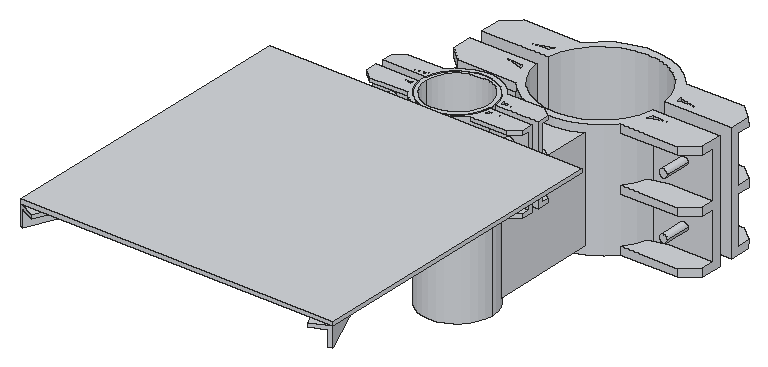
Revit family "Zadanie rekrutacyjne", category Generic Models, Revit 2027
Family settings
  Can host rebar = No
  Round Connector Dimension = Use Diameter
  Part Type = Normal
  Work Plane-Based = Yes
  Always vertical = No
  Cut with Voids When Loaded = No
  Maintain Annotation Orientation = No
  Shared = No
  Room Calculation Point = No
Parameters
  Srednica = 30 cm
  Odleglosc osi pierscieni [instance] = Srednica / 2 + Dlugosc + 11 cm  # 46 cm
  Kat obrotu [instance] = 90.00°
  Dlugosc [instance] = 20 cm
  Default Elevation = 121.92 cm
Reference planes (cm)
  plane 1 "Center (Front/Back)": y = 0
  plane 2: z = 0
  plane 3 "Center (Left/Right)": x = 0
  plane 4: y = -46
Lines and regions (cm)
  reference lines
    curve 1: line (0, -46, 48) -> (0, -118, 48)
    curve 2: line (0, -46, 48) -> (-64, -46, 48)
Dimensions and locks (cm)
  "Odleglosc osi pierscieni": plane 4 to plane 1 "Center (Front/Back)"
  locked: curve 2 to curve 1 (angle 90.00°)
  "Kat obrotu": angle curve 1 to plane 4
  aligned and locked: level to plane 2
  aligned and locked: plane 1 "Center (Front/Back)" to nested 1
  aligned and locked: plane 3 "Center (Left/Right)" to nested 1  (x3)
  aligned and locked: nested 1 to nested 1  (x4)
  aligned and locked: plane 3 "Center (Left/Right)" to curve 1
  aligned and locked: plane 4 to nested 1  (x2)
  aligned and locked: plane 4 to curve 2
  aligned and locked: nested 2 to curve 2
  aligned and locked: nested 2 to curve 1
  aligned and locked: nested 2 to nested 1
Nested families (cm)
  nested 1: "O2" at (0, 0, 0), Dlugosc <- "Dlugosc", Srednica <- "Srednica", type "O2"
    with Wysokosc zaciskow 30 cm, Wysokosc sworznia 20 cm, Srednica zewnetrzna mala 18 cm, Srednica wewnetrzna mala 16 cm, Srednica Zewnetrzna 34 cm, Srednica 30 cm, Promien zewnetrzny maly 9 cm, Promien zewnetrzny 17 cm, Promien wewnetrzny maly 8 cm, Promien wewnetrzny 15 cm, Promien otworu 1 cm, Grubosc 2 cm, Dlugosc zaciskow 15 cm, Dlugosc 20 cm
  nested 2: "O1" at (0, -46, 28), type "O2"
    with Wysokosc zaciskow 20 cm, Szerokosc podestu 80 cm, Srednica Zewnetrzna 20 cm, Srednica 18 cm, Promien zewnetrzny 10 cm, Promien wewnetrzny 9 cm, Promien otworu 1 cm, Grubosc 1 cm, Dlugosc zaciskow 10 cm
Definition of nested family "O2"
  Parameters (values of type "O2")
    Wysokosc sworznia [instance] = 20 cm
    Wysokosc zaciskow [instance] = 30 cm
    Srednica zewnetrzna mala [instance] = Promien zewnetrzny maly * 2  # 18 cm
    Srednica wewnetrzna mala [instance] = Promien wewnetrzny maly * 2  # 16 cm
    Srednica Zewnetrzna [instance] = Promien zewnetrzny * 2  # 32 cm
    Srednica [instance] = 30 cm
    Promien zewnetrzny maly [instance] = 9 cm
    Promien zewnetrzny [instance] = Promien wewnetrzny + Grubosc  # 16 cm
    Promien wewnetrzny maly [instance] = 8 cm
    Promien wewnetrzny [instance] = Srednica / 2  # 15 cm
    Promien otworu [instance] = 1 cm
    Grubosc [instance] = 1 cm
    Dlugosc zaciskow [instance] = 15 cm
    Dlugosc [instance] = 20 cm
    Default Elevation = 121.92 cm
  Reference planes (cm)
    plane 1 "Center (Front/Back)": y = 0
    plane 2: z = 0
    plane 3 "Center (Left/Right)": x = 0
    plane 4: x = 16
    plane 5: x = -16
    plane 6: y = -16
    plane 7: y = 16
    plane 8: z = 30
    plane 9: z = 15
    plane 10: x = -31
    plane 11: x = 31
    plane 12: y = -1
    plane 13: y = 1
    plane 14: y = -2
    plane 15: y = 2
    plane 16: z = 22.5
    plane 17: z = 7.5
    plane 18: x = 23.5
    plane 19: x = -23.5
    plane 20: y = -9
    plane 21: y = 3
    plane 22: y = 9
    plane 23: y = 5.5
    plane 24: y = -5.5
    plane 25: x = -27.25
    plane 26: x = 27.25
    plane 27: y = 12.5
    plane 28: y = -12.5
    plane 29: x = -19.75
    plane 30: x = 19.75
    plane 31: z = 14.5
    plane 32: z = 15.5
    plane 33: z = 29
    plane 34: z = 1
    plane 35: x = 8
    plane 36: x = -8
    plane 37: z = 28
    plane 38: z = 2
    plane 39: x = 7
    plane 40: x = -7
    plane 41: y = -37
    plane 42: y = -53
    plane 43: y = -45
    plane 44: z = 49
    plane 45: y = -26
    plane 46: y = -61
    plane 47: y = -36
    plane 48: y = -54
  Forms (cm)
    Extrusion 1, solid
      sketch origin (0, 0, 0) x (1, 0, 0) y (0, 1, 0)
        loop
          circle (0, 0) r 16
      from 0 to 30
    Extrusion 2, solid
      sketch origin (0, 0, 0) x (1, 0, 0) y (0, 1, 0)
        loop
          line (-31, -1) -> (-31, -2) -> (31, -2) -> (31, -1) -> (-31, -1)
        loop
          line (-31, 2) -> (-31, 1) -> (31, 1) -> (31, 2) -> (-31, 2)
      from 0 to 30
    Extrusion 3, void
      sketch origin (0, 0, 0) x (1, 0, 0) y (0, 1, 0)
        loop
          circle (0, 0) r 15
      from 0 to 30
    Extrusion 4, solid
      sketch origin (0, 0, 0) x (1, 0, 0) y (0, 0, 1)
        loop
          circle (-23.5, 22.5) r 1
        loop
          circle (-23.5, 7.5) r 1
        loop
          circle (23.5, 7.5) r 1
        loop
          circle (23.5, 22.5) r 1
      from -3 to 9
    Extrusion 5, solid
      sketch origin (0, 0, 0) x (1, 0, 0) y (0, 1, 0)
        loop
          line (-31, 2) -> (-19.75, 2) -> (0, 9) -> (-27.25, 9) -> (-31, 5.5) -> (-31, 2)
      from 29 to 30
    Extrusion 6, solid
      sketch origin (0, 0, 0) x (-1, 0, 0) y (0, -1, 0)
        loop
          line (-31, -2) -> (-31, -5.5) -> (-27.25, -9) -> (0, -9) -> (-19.75, -2) -> (-31, -2)
      from 29 to 30
    Extrusion 7, solid
      sketch origin (0, 0, 0) x (1, 0, 0) y (0, 1, 0)
        loop
          line (-31, -2) -> (-31, -5.5) -> (-27.25, -9) -> (0, -9) -> (-19.75, -2) -> (-31, -2)
      from 29 to 30
    Extrusion 8, solid
      sketch origin (0, 0, 0) x (-1, 0, 0) y (0, -1, 0)
        loop
          line (-31, 2) -> (-19.75, 2) -> (0, 9) -> (-27.25, 9) -> (-31, 5.5) -> (-31, 2)
      from 29 to 30
    Extrusion 9, solid
      sketch origin (0, 0, 0) x (1, 0, 0) y (0, 1, 0)
        loop
          line (-31, 2) -> (-19.75, 2) -> (0, 9) -> (-27.25, 9) -> (-31, 5.5) -> (-31, 2)
      from 14.5 to 15.5
    Extrusion 10, solid
      sketch origin (0, 0, 0) x (-1, 0, 0) y (0, -1, 0)
        loop
          line (-31, -2) -> (-31, -5.5) -> (-27.25, -9) -> (0, -9) -> (-19.75, -2) -> (-31, -2)
      from 14.5 to 15.5
    Extrusion 11, solid
      sketch origin (0, 0, 0) x (1, 0, 0) y (0, 1, 0)
        loop
          line (-31, -2) -> (-31, -5.5) -> (-27.25, -9) -> (0, -9) -> (-19.75, -2) -> (-31, -2)
      from 14.5 to 15.5
    Extrusion 12, solid
      sketch origin (0, 0, 0) x (-1, 0, 0) y (0, -1, 0)
        loop
          line (-31, 2) -> (-19.75, 2) -> (0, 9) -> (-27.25, 9) -> (-31, 5.5) -> (-31, 2)
      from 14.5 to 15.5
    Extrusion 13, solid
      sketch origin (0, 0, 0) x (1, 0, 0) y (0, 1, 0)
        loop
          line (-31, 2) -> (-19.75, 2) -> (0, 9) -> (-27.25, 9) -> (-31, 5.5) -> (-31, 2)
      from 0 to 1
    Extrusion 14, solid
      sketch origin (0, 0, 0) x (-1, 0, 0) y (0, -1, 0)
        loop
          line (-31, -2) -> (-31, -5.5) -> (-27.25, -9) -> (0, -9) -> (-19.75, -2) -> (-31, -2)
      from 0 to 1
    Extrusion 15, solid
      sketch origin (0, 0, 0) x (1, 0, 0) y (0, 1, 0)
        loop
          line (-31, -2) -> (-31, -5.5) -> (-27.25, -9) -> (0, -9) -> (-19.75, -2) -> (-31, -2)
      from 0 to 1
    Extrusion 16, solid
      sketch origin (0, 0, 0) x (-1, 0, 0) y (0, -1, 0)
        loop
          line (-31, 2) -> (-19.75, 2) -> (0, 9) -> (-27.25, 9) -> (-31, 5.5) -> (-31, 2)
      from 0 to 1
    Extrusion 17, solid
      sketch origin (0, 0, 0) x (1, 0, 0) y (0, 0, 1)
        loop
          line (-8, 29) -> (-8, 1) -> (8, 1) -> (8, 29) -> (-8, 29)
        loop
          line (-7, 28) -> (-7, 2) -> (7, 2) -> (7, 28) -> (-7, 28)
      from 0 to 45
    Extrusion 18, solid
      sketch origin (0, 0, 0) x (1, 0, 0) y (0, 1, 0)
        loop
          circle (0, -45) r 9
      from 0 to 49
    Extrusion 19, void
      sketch origin (0, 0, 0) x (1, 0, 0) y (0, 1, 0)
        loop
          circle (0, -45) r 8
      from 0 to 49
    Extrusion 20, void
      sketch origin (0, 0, 0) x (1, 0, 0) y (0, 1, 0)
        loop
          circle (0, -26) r 1
      from 1 to 29
    Extrusion 21, void
      sketch origin (0, 0, 0) x (1, 0, 0) y (0, 0, 1)
        loop
          circle (0, 15) r 1
      from 0 to 61
    Extrusion 22, void
      sketch origin (0, 0, 0) x (1, 0, 0) y (0, 1, 0)
        loop
          line (-31, 1) -> (-31, -1) -> (31, -1) -> (31, 1) -> (-31, 1)
      from 0 to 30
  Cuts and joins
    Extrusion 3, Extrusion 19, Extrusion 20, Extrusion 21, Extrusion 22 cuts Extrusion 1
    Extrusion 3, Extrusion 19, Extrusion 20, Extrusion 21, Extrusion 22 cuts Extrusion 2
    Extrusion 19, Extrusion 20, Extrusion 21 cuts Extrusion 4
    Extrusion 3, Extrusion 19, Extrusion 20, Extrusion 21, Extrusion 22 cuts Extrusion 5
    Extrusion 3, Extrusion 19, Extrusion 20, Extrusion 21, Extrusion 22 cuts Extrusion 6
    Extrusion 3, Extrusion 19, Extrusion 20, Extrusion 21, Extrusion 22 cuts Extrusion 7
    Extrusion 3, Extrusion 19, Extrusion 20, Extrusion 21, Extrusion 22 cuts Extrusion 8
    Extrusion 3, Extrusion 19, Extrusion 20, Extrusion 21, Extrusion 22 cuts Extrusion 9
    Extrusion 3, Extrusion 19, Extrusion 20, Extrusion 21, Extrusion 22 cuts Extrusion 10
    Extrusion 3, Extrusion 19, Extrusion 20, Extrusion 21, Extrusion 22 cuts Extrusion 11
    Extrusion 3, Extrusion 19, Extrusion 20, Extrusion 21, Extrusion 22 cuts Extrusion 12
    Extrusion 3, Extrusion 19, Extrusion 20, Extrusion 21, Extrusion 22 cuts Extrusion 13
    Extrusion 3, Extrusion 19, Extrusion 20, Extrusion 21, Extrusion 22 cuts Extrusion 14
    Extrusion 3, Extrusion 19, Extrusion 20, Extrusion 21, Extrusion 22 cuts Extrusion 15
    Extrusion 3, Extrusion 19, Extrusion 20, Extrusion 21, Extrusion 22 cuts Extrusion 16
    Extrusion 3, Extrusion 19, Extrusion 20, Extrusion 21, Extrusion 22 cuts Extrusion 17
    Extrusion 19, Extrusion 20, Extrusion 21, Extrusion 22 cuts Extrusion 18
    joined: Extrusion 1, Extrusion 2, Extrusion 4, Extrusion 5, Extrusion 6, Extrusion 7, Extrusion 8, Extrusion 9, Extrusion 10, Extrusion 11, Extrusion 12, Extrusion 13, Extrusion 14, Extrusion 15, Extrusion 16, Extrusion 17, Extrusion 18
  Lines and regions (cm)
    reference lines
      curve 1: line (0, -45, 49) -> (0, -45, 0)
  Dimensions and locks (cm)
    "Srednica Zewnetrzna": plane 6 to plane 7
    "Wysokosc zaciskow": plane 8 to plane 2
    equal spacing: plane 7, plane 1 "Center (Front/Back)", plane 6
    "Dlugosc zaciskow": plane 4 to plane 11
    "Dlugosc zaciskow": plane 10 to plane 5
    equal spacing: plane 15, plane 13, plane 1 "Center (Front/Back)", plane 12, plane 14
    "Grubosc": plane 1 "Center (Front/Back)" to plane 13
    "Grubosc": plane 21 to plane 15
    equal spacing: plane 14, plane 24, plane 20, plane 28, plane 6
    equal spacing: plane 10, plane 25, plane 19, plane 29, plane 5
    equal spacing: plane 4, plane 30, plane 18, plane 26, plane 11
    equal spacing: plane 7, plane 27, plane 22, plane 23, plane 15
    "Grubosc": plane 34 to plane 2
    equal spacing: plane 32, plane 9, plane 31
    "Grubosc": plane 32 to plane 31
    "Grubosc": plane 8 to plane 33
    equal spacing: plane 8, plane 16, plane 9, plane 17, plane 2
    "Grubosc": plane 33 to plane 37
    "Grubosc": plane 38 to plane 34
    "Grubosc": plane 36 to plane 40
    "Grubosc": plane 39 to plane 35
    "Srednica wewnetrzna mala": plane 41 to plane 42
    "Wysokosc sworznia": plane 44 to plane 33
    equal spacing: plane 41, plane 43, plane 42, plane 46
    plane 43 to plane 1 "Center (Front/Back)" = 45 cm
    locked: plane 36 to plane 35 at 16
    "Srednica Zewnetrzna": plane 5 to plane 4
    equal spacing: plane 5, plane 3 "Center (Left/Right)", plane 4
    equal spacing: plane 47, plane 43, plane 48
    "Srednica zewnetrzna mala": plane 47 to plane 48
    equal spacing: plane 6, plane 45, plane 47
    "Dlugosc": plane 6 to plane 47
    "Promien zewnetrzny": radius of Extrusion 1 sketch curve
    "Promien wewnetrzny": radius of Extrusion 3 sketch curve
    "Promien otworu": radius of Extrusion 4 sketch curve  (x4)
    "Promien zewnetrzny maly": radius of Extrusion 18 sketch curve
    "Promien wewnetrzny maly": radius of Extrusion 19 sketch curve
    "Promien otworu": radius of Extrusion 20 sketch curve
    "Promien otworu": radius of Extrusion 21 sketch curve
    aligned and locked: level to plane 2
    aligned and locked: Extrusion 1 to plane 8
    aligned and locked: Extrusion 2 sketch curve to plane 12
    aligned and locked: plane 10 to Extrusion 2 sketch curve  (x2)
    aligned and locked: Extrusion 2 sketch curve to plane 14
    aligned and locked: Extrusion 2 sketch curve to plane 11  (x2)
    aligned and locked: Extrusion 2 sketch curve to plane 15
    aligned and locked: Extrusion 2 sketch curve to plane 13
    aligned and locked: cut or joined group 1 (Extrusion 1, Extrusion 2, Extrusion 3, Extrusion 4, Extrusion 5, Extrusion 6, Extrusion 7, Extrusion 8, Extrusion 9, Extrusion 10, Extrusion 11, Extrusion 12, Extrusion 13, Extrusion 14, Extrusion 15, Extrusion 16, Extrusion 17, Extrusion 18, Extrusion 19, Extrusion 20, Extrusion 21, Extrusion 22) to plane 8
    aligned and locked: cut or joined group 1 to plane 2  (x4)
    aligned and locked: plane 8 to cut or joined group 1
    aligned and locked: Extrusion 4 to plane 21
    aligned and locked: Extrusion 4 to plane 20
    aligned and locked: plane 8 to Extrusion 7
    aligned and locked: Extrusion 7 to plane 33
    aligned and locked: Extrusion 8 to plane 33
    aligned and locked: plane 8 to Extrusion 8
    aligned and locked: Extrusion 5 to plane 33
    aligned and locked: plane 8 to Extrusion 5
    aligned and locked: plane 8 to Extrusion 6
    aligned and locked: Extrusion 6 to plane 33
    aligned and locked: Extrusion 12 to plane 31
    aligned and locked: Extrusion 10 to plane 31
    aligned and locked: Extrusion 11 to plane 31
    aligned and locked: plane 31 to Extrusion 11
    aligned and locked: plane 32 to Extrusion 11
    aligned and locked: plane 32 to Extrusion 9
    aligned and locked: plane 32 to Extrusion 12
    aligned and locked: Extrusion 12 to plane 32
    aligned and locked: Extrusion 16 to plane 2
    aligned and locked: Extrusion 14 to plane 2
    aligned and locked: Extrusion 15 to plane 2
    aligned and locked: Extrusion 13 to plane 2
    aligned and locked: plane 34 to Extrusion 15
    aligned and locked: Extrusion 15 to plane 34
    aligned and locked: plane 34 to Extrusion 16
    aligned and locked: Extrusion 16 to plane 34
    aligned and locked: plane 32 to Extrusion 10
    aligned and locked: Extrusion 9 to plane 31
    aligned and locked: plane 34 to Extrusion 13
    aligned and locked: plane 34 to Extrusion 14
    aligned and locked: Extrusion 17 sketch curve to plane 35
    aligned and locked: Extrusion 17 sketch curve to plane 33
    aligned and locked: plane 34 to Extrusion 17 sketch curve
    aligned and locked: Extrusion 17 sketch curve to plane 38
    aligned and locked: Extrusion 17 sketch curve to plane 37
    aligned and locked: Extrusion 17 sketch curve to plane 39
    aligned and locked: Extrusion 17 sketch curve to plane 36
    aligned and locked: plane 40 to Extrusion 17 sketch curve
    aligned and locked: Extrusion 17 to plane 1 "Center (Front/Back)"
    aligned and locked: plane 43 to cut or joined group 1
    aligned and locked: Extrusion 19 to plane 44
    aligned and locked: Extrusion 19 to level
    aligned and locked: cut or joined group 1 to plane 44
    aligned and locked: plane 34 to Extrusion 20
    aligned and locked: Extrusion 20 to plane 33
    aligned and locked: Extrusion 21 to plane 1 "Center (Front/Back)"
    aligned and locked: Extrusion 22 sketch curve to plane 11
    aligned and locked: Extrusion 22 sketch curve to plane 13
    aligned and locked: plane 10 to Extrusion 22 sketch curve
    aligned and locked: plane 8 to Extrusion 22
    aligned and locked: Extrusion 21 to plane 46
    aligned and locked: curve 1 to cut or joined group 1
  Automatic sketch dimensions
    Extrusion 5 sketch curve to plane 10 = 0 cm
    Extrusion 5 sketch curve to plane 22 = 0 cm
    Extrusion 5 sketch curve to plane 25 = 0 cm
    Extrusion 5 sketch curve to plane 15 = 0 cm
    Extrusion 5 sketch curve to plane 29 = 0 cm
    Extrusion 5 sketch curve to plane 3 "Center (Left/Right)" = 0 cm
    Extrusion 5 sketch curve to plane 23 = 0 cm
    Extrusion 6 sketch curve to plane 11 = 0 cm
    Extrusion 6 sketch curve to plane 22 = 0 cm
    Extrusion 6 sketch curve to plane 26 = 0 cm
    Extrusion 6 sketch curve to plane 15 = 0 cm
    Extrusion 6 sketch curve to plane 30 = 0 cm
    Extrusion 6 sketch curve to plane 3 "Center (Left/Right)" = 0 cm
    Extrusion 6 sketch curve to plane 23 = 0 cm
    Extrusion 7 sketch curve to plane 10 = 0 cm
    Extrusion 7 sketch curve to plane 20 = 0 cm
    Extrusion 7 sketch curve to plane 25 = 0 cm
    Extrusion 7 sketch curve to plane 14 = 0 cm
    Extrusion 7 sketch curve to plane 29 = 0 cm
    Extrusion 7 sketch curve to plane 3 "Center (Left/Right)" = 0 cm
    plane 24 to Extrusion 7 sketch curve = 0 cm
    Extrusion 8 sketch curve to plane 11 = 0 cm
    Extrusion 8 sketch curve to plane 20 = 0 cm
    Extrusion 8 sketch curve to plane 26 = 0 cm
    Extrusion 8 sketch curve to plane 14 = 0 cm
    Extrusion 8 sketch curve to plane 30 = 0 cm
    Extrusion 8 sketch curve to plane 3 "Center (Left/Right)" = 0 cm
    plane 24 to Extrusion 8 sketch curve = 0 cm
    Extrusion 9 sketch curve to plane 10 = 0 cm
    Extrusion 9 sketch curve to plane 22 = 0 cm
    Extrusion 9 sketch curve to plane 25 = 0 cm
    Extrusion 9 sketch curve to plane 15 = 0 cm
    Extrusion 9 sketch curve to plane 29 = 0 cm
    Extrusion 9 sketch curve to plane 3 "Center (Left/Right)" = 0 cm
    Extrusion 9 sketch curve to plane 23 = 0 cm
    Extrusion 10 sketch curve to plane 11 = 0 cm
    Extrusion 10 sketch curve to plane 22 = 0 cm
    Extrusion 10 sketch curve to plane 26 = 0 cm
    Extrusion 10 sketch curve to plane 15 = 0 cm
    Extrusion 10 sketch curve to plane 30 = 0 cm
    Extrusion 10 sketch curve to plane 3 "Center (Left/Right)" = 0 cm
    Extrusion 10 sketch curve to plane 23 = 0 cm
    Extrusion 11 sketch curve to plane 10 = 0 cm
    Extrusion 11 sketch curve to plane 20 = 0 cm
    Extrusion 11 sketch curve to plane 25 = 0 cm
    Extrusion 11 sketch curve to plane 14 = 0 cm
    Extrusion 11 sketch curve to plane 29 = 0 cm
    Extrusion 11 sketch curve to plane 3 "Center (Left/Right)" = 0 cm
    plane 24 to Extrusion 11 sketch curve = 0 cm
    Extrusion 12 sketch curve to plane 11 = 0 cm
    Extrusion 12 sketch curve to plane 20 = 0 cm
    Extrusion 12 sketch curve to plane 26 = 0 cm
    Extrusion 12 sketch curve to plane 14 = 0 cm
    Extrusion 12 sketch curve to plane 30 = 0 cm
    Extrusion 12 sketch curve to plane 3 "Center (Left/Right)" = 0 cm
    plane 24 to Extrusion 12 sketch curve = 0 cm
    Extrusion 13 sketch curve to plane 10 = 0 cm
    Extrusion 13 sketch curve to plane 22 = 0 cm
    Extrusion 13 sketch curve to plane 25 = 0 cm
    Extrusion 13 sketch curve to plane 15 = 0 cm
    Extrusion 13 sketch curve to plane 29 = 0 cm
    Extrusion 13 sketch curve to plane 3 "Center (Left/Right)" = 0 cm
    Extrusion 13 sketch curve to plane 23 = 0 cm
    Extrusion 14 sketch curve to plane 11 = 0 cm
    Extrusion 14 sketch curve to plane 22 = 0 cm
    Extrusion 14 sketch curve to plane 26 = 0 cm
    Extrusion 14 sketch curve to plane 15 = 0 cm
    Extrusion 14 sketch curve to plane 30 = 0 cm
    Extrusion 14 sketch curve to plane 3 "Center (Left/Right)" = 0 cm
    Extrusion 14 sketch curve to plane 23 = 0 cm
    Extrusion 15 sketch curve to plane 10 = 0 cm
    Extrusion 15 sketch curve to plane 20 = 0 cm
    Extrusion 15 sketch curve to plane 25 = 0 cm
    Extrusion 15 sketch curve to plane 14 = 0 cm
    Extrusion 15 sketch curve to plane 29 = 0 cm
    Extrusion 15 sketch curve to plane 3 "Center (Left/Right)" = 0 cm
    plane 24 to Extrusion 15 sketch curve = 0 cm
    Extrusion 16 sketch curve to plane 11 = 0 cm
    Extrusion 16 sketch curve to plane 20 = 0 cm
    Extrusion 16 sketch curve to plane 26 = 0 cm
    Extrusion 16 sketch curve to plane 14 = 0 cm
    Extrusion 16 sketch curve to plane 30 = 0 cm
    Extrusion 16 sketch curve to plane 3 "Center (Left/Right)" = 0 cm
    plane 24 to Extrusion 16 sketch curve = 0 cm
    Extrusion 22 sketch curve to plane 12 = 0 cm
    curve 1 to level = 0 cm
    curve 1 to plane 43 = 0 cm
    curve 1 to plane 44 = 0 cm
    plane 1 "Center (Front/Back)" to Extrusion 1 sketch curve = 0 cm
    Extrusion 1 sketch curve to plane 3 "Center (Left/Right)" = 0 cm
    plane 1 "Center (Front/Back)" to Extrusion 3 sketch curve = 0 cm
    Extrusion 3 sketch curve to plane 3 "Center (Left/Right)" = 0 cm
    Extrusion 4 sketch curve to plane 17 = 0 cm  (x2)
    Extrusion 4 sketch curve to plane 19 = 0 cm  (x2)
    Extrusion 4 sketch curve to plane 16 = 0 cm  (x2)
    Extrusion 4 sketch curve to plane 18 = 0 cm  (x2)
    Extrusion 18 sketch curve to plane 3 "Center (Left/Right)" = 0 cm
    plane 43 to Extrusion 18 sketch curve = 0 cm
    Extrusion 19 sketch curve to plane 3 "Center (Left/Right)" = 0 cm
    plane 43 to Extrusion 19 sketch curve = 0 cm
    Extrusion 20 sketch curve to plane 3 "Center (Left/Right)" = 0 cm
    Extrusion 20 sketch curve to plane 45 = 0 cm
    Extrusion 21 sketch curve to plane 3 "Center (Left/Right)" = 0 cm
    Extrusion 21 sketch curve to plane 9 = 0 cm
Definition of nested family "O1"
  Parameters (values of type "O2")
    Wysokosc zaciskow [instance] = 20 cm
    Szerokosc podestu [instance] = 80 cm
    Srednica Zewnetrzna [instance] = Promien zewnetrzny * 2  # 20 cm
    Srednica [instance] = 18 cm
    Promien zewnetrzny [instance] = Promien wewnetrzny + Grubosc  # 10 cm
    Promien wewnetrzny [instance] = Srednica / 2  # 9 cm
    Promien otworu [instance] = 1 cm
    Grubosc [instance] = 1 cm
    Dlugosc zaciskow [instance] = 10 cm
    Default Elevation = 121.92 cm
  Types (2): name
    O2
    O1
  Reference planes (cm)
    plane 1 "Center (Front/Back)": y = 0
    plane 2: z = 0
    plane 3 "Center (Left/Right)": x = 0
    plane 4: x = 10
    plane 5: x = -10
    plane 6: y = -10
    plane 7: y = 10
    plane 8: z = 20
    plane 9: z = 10
    plane 10: x = -20
    plane 11: x = 20
    plane 12: y = -1
    plane 13: y = 1
    plane 14: y = -2
    plane 15: y = 2
    plane 16: z = 15
    plane 17: z = 5
    plane 18: x = 15
    plane 19: x = -15
    plane 20: y = -6
    plane 21: y = 3
    plane 22: y = 6
    plane 23: y = 4
    plane 24: y = -4
    plane 25: x = -17.5
    plane 26: x = 17.5
    plane 27: y = 8
    plane 28: y = -8
    plane 29: x = -12.5
    plane 30: x = 12.5
    plane 31: z = 9.5
    plane 32: z = 10.5
    plane 33: z = 19
    plane 34: z = 1
    plane 35: x = 5
    plane 36: x = -5
    plane 37: z = 21
    plane 38: y = -90
    plane 39: x = 40
    plane 40: x = -40
    plane 41: z = 25
  Forms (cm)
    Extrusion 1, solid
      sketch origin (0, 0, 0) x (1, 0, 0) y (0, 1, 0)
        loop
          circle (0, 0) r 10
      from 0 to 20
    Extrusion 2, solid
      sketch origin (0, 0, 0) x (1, 0, 0) y (0, 1, 0)
        loop
          line (-20, -1) -> (-20, -2) -> (20, -2) -> (20, -1) -> (-20, -1)
        loop
          line (-20, 2) -> (-20, 1) -> (20, 1) -> (20, 2) -> (-20, 2)
      from 0 to 20
    Extrusion 3, void
      sketch origin (0, 0, 0) x (1, 0, 0) y (0, 1, 0)
        loop
          circle (0, 0) r 9
      from 0 to 20
    Extrusion 4, solid
      sketch origin (0, 0, 0) x (1, 0, 0) y (0, 0, 1)
        loop
          circle (-15, 15) r 1
        loop
          circle (-15, 5) r 1
        loop
          circle (15, 5) r 1
        loop
          circle (15, 15) r 1
      from -3 to 6
    Extrusion 5, solid
      sketch origin (0, 0, 0) x (1, 0, 0) y (0, 1, 0)
        loop
          line (-20, 2) -> (-12.5, 2) -> (0, 6) -> (-17.5, 6) -> (-20, 4) -> (-20, 2)
      from 19 to 20
    Extrusion 6, solid
      sketch origin (0, 0, 0) x (-1, 0, 0) y (0, -1, 0)
        loop
          line (-20, -2) -> (-20, -4) -> (-17.5, -6) -> (0, -6) -> (-12.5, -2) -> (-20, -2)
      from 19 to 20
    Extrusion 7, solid
      sketch origin (0, 0, 0) x (1, 0, 0) y (0, 1, 0)
        loop
          line (-20, -2) -> (-20, -4) -> (-17.5, -6) -> (0, -6) -> (-12.5, -2) -> (-20, -2)
      from 19 to 20
    Extrusion 8, solid
      sketch origin (0, 0, 0) x (-1, 0, 0) y (0, -1, 0)
        loop
          line (-20, 2) -> (-12.5, 2) -> (0, 6) -> (-17.5, 6) -> (-20, 4) -> (-20, 2)
      from 19 to 20
    Extrusion 9, solid
      sketch origin (0, 0, 0) x (1, 0, 0) y (0, 1, 0)
        loop
          line (-20, 2) -> (-12.5, 2) -> (0, 6) -> (-17.5, 6) -> (-20, 4) -> (-20, 2)
      from 9.5 to 10.5
    Extrusion 10, solid
      sketch origin (0, 0, 0) x (-1, 0, 0) y (0, -1, 0)
        loop
          line (-20, -2) -> (-20, -4) -> (-17.5, -6) -> (0, -6) -> (-12.5, -2) -> (-20, -2)
      from 9.5 to 10.5
    Extrusion 11, solid
      sketch origin (0, 0, 0) x (1, 0, 0) y (0, 1, 0)
        loop
          line (-20, -2) -> (-20, -4) -> (-17.5, -6) -> (0, -6) -> (-12.5, -2) -> (-20, -2)
      from 9.5 to 10.5
    Extrusion 12, solid
      sketch origin (0, 0, 0) x (-1, 0, 0) y (0, -1, 0)
        loop
          line (-20, 2) -> (-12.5, 2) -> (0, 6) -> (-17.5, 6) -> (-20, 4) -> (-20, 2)
      from 9.5 to 10.5
    Extrusion 13, solid
      sketch origin (0, 0, 0) x (1, 0, 0) y (0, 1, 0)
        loop
          line (-20, 2) -> (-12.5, 2) -> (0, 6) -> (-17.5, 6) -> (-20, 4) -> (-20, 2)
      from 0 to 1
    Extrusion 14, solid
      sketch origin (0, 0, 0) x (-1, 0, 0) y (0, -1, 0)
        loop
          line (-20, -2) -> (-20, -4) -> (-17.5, -6) -> (0, -6) -> (-12.5, -2) -> (-20, -2)
      from 0 to 1
    Extrusion 15, solid
      sketch origin (0, 0, 0) x (1, 0, 0) y (0, 1, 0)
        loop
          line (-20, -2) -> (-20, -4) -> (-17.5, -6) -> (0, -6) -> (-12.5, -2) -> (-20, -2)
      from 0 to 1
    Extrusion 16, solid
      sketch origin (0, 0, 0) x (-1, 0, 0) y (0, -1, 0)
        loop
          line (-20, 2) -> (-12.5, 2) -> (0, 6) -> (-17.5, 6) -> (-20, 4) -> (-20, 2)
      from 0 to 1
    Extrusion 17, void
      sketch origin (0, 0, 0) x (1, 0, 0) y (0, 1, 0)
        loop
          line (-20, 1) -> (-20, -1) -> (20, -1) -> (20, 1) -> (-20, 1)
      from 0 to 20
    Extrusion 18, solid
      sketch origin (0, 0, 0) x (1, 0, 0) y (0, 1, 0)
        loop
          line (40, -90) -> (40, -10) -> (-40, -10) -> (-40, -90) -> (40, -90)
      from 20 to 21
    Extrusion 19, solid
      sketch origin (20, -45, 20) x (-0.913812, -0.406138, 0) y (0.152825, -0.343857, -0.926503)
        loop
          line (0, 0) -> (0, -5) -> (1, -5) -> (1, -1) -> (5, -1) -> (5, 0) -> (0, 0)
      from -53.1507 to 0
    Extrusion 20, solid
      sketch origin (-20, -45, 20) x (-0.913812, 0.406138, 0) y (-0.152825, -0.343857, -0.926503)
        loop
          line (0, 0) -> (-5, 0) -> (-5, -1) -> (-1, -1) -> (-1, -5) -> (0, -5) -> (0, 0)
      from -53.1507 to 0
    Extrusion 21, void
      sketch origin (0, 8.4314, 20) x (-1, 0, 0) y (0, 1, 0)
        loop
          line (0, -16.4314) -> (-15, -16.4314) -> (-15, -98.4314) -> (0, -98.4314) -> (0, -16.4314)
      from 0 to 20
    Extrusion 22, void
      sketch origin (0, 8.4314, 20) x (-1, 0, 0) y (0, 1, 0)
        loop
          line (0, -16.4314) -> (0, -98.4314) -> (15, -98.4314) -> (15, -16.4314) -> (0, -16.4314)
      from 0 to 20
    Extrusion 23, solid
      sketch origin (-40, -90, 20) x (0, 0, 1) y (-0.913812, 0.406138, 0)
        loop
          line (0, 0) -> (-5, 0) -> (-5, -1) -> (-1, -1) -> (-1, -5) -> (0, -5) -> (0, 0)
      from -98.4886 to 0
    Extrusion 24, solid
      sketch origin (40, -90, 20) x (0, 0, 1) y (-0.913812, -0.406138, 0)
        loop
          line (0, 0) -> (0, 5) -> (-1, 5) -> (-1, 1) -> (-5, 1) -> (-5, 0) -> (0, 0)
      from -98.4886 to 0
    Extrusion 25, void
      sketch origin (0, 8.4314, 20) x (-1, 0, 0) y (0, 1, 0)
        loop
          line (40, -18.4314) -> (-40, -18.4314) -> (-40, -98.4314) -> (40, -98.4314) -> (40, -18.4314)
      from 0 to -5
    Extrusion 26, void
      sketch origin (0, 8.4314, 20) x (-1, 0, 0) y (0, 1, 0)
        loop
          circle (0, -8.4314) r 10
      from 0 to 20
  Cuts and joins
    Extrusion 3, Extrusion 17 cuts Extrusion 1
    Extrusion 3, Extrusion 17, Extrusion 21 cuts Extrusion 2
    Extrusion 21 cuts Extrusion 4
    Extrusion 3, Extrusion 17, Extrusion 21 cuts Extrusion 5
    Extrusion 3, Extrusion 17, Extrusion 21 cuts Extrusion 6
    Extrusion 3, Extrusion 17, Extrusion 21 cuts Extrusion 7
    Extrusion 3, Extrusion 17, Extrusion 21 cuts Extrusion 8
    Extrusion 3, Extrusion 17, Extrusion 21 cuts Extrusion 9
    Extrusion 3, Extrusion 17, Extrusion 21 cuts Extrusion 10
    Extrusion 3, Extrusion 17, Extrusion 21 cuts Extrusion 11
    Extrusion 3, Extrusion 17, Extrusion 21 cuts Extrusion 12
    Extrusion 3, Extrusion 17, Extrusion 21 cuts Extrusion 13
    Extrusion 3, Extrusion 17, Extrusion 21 cuts Extrusion 14
    Extrusion 3, Extrusion 17, Extrusion 21 cuts Extrusion 15
    Extrusion 3, Extrusion 17, Extrusion 21 cuts Extrusion 16
    joined: Extrusion 1, Extrusion 2, Extrusion 4, Extrusion 5, Extrusion 6, Extrusion 7, Extrusion 8, Extrusion 9, Extrusion 10, Extrusion 11, Extrusion 12, Extrusion 13, Extrusion 14, Extrusion 15, Extrusion 16
    Extrusion 21, Extrusion 22 cuts Extrusion 18
    Extrusion 3, Extrusion 22, Extrusion 25, Extrusion 26 cuts Extrusion 19
    Extrusion 3, Extrusion 25, Extrusion 26 cuts Extrusion 24
    joined: Extrusion 19, Extrusion 24
    Extrusion 3, Extrusion 21, Extrusion 25, Extrusion 26 cuts Extrusion 20
    Extrusion 3, Extrusion 25, Extrusion 26 cuts Extrusion 23
    joined: Extrusion 20, Extrusion 23
  Lines and regions (cm)
    reference lines
      curve 1: line (0, 0, 20) -> (-40, -90, 20)
      curve 2: line (0, 0, 20) -> (40, -90, 20)
      curve 3: line (0, 0, 0) -> (0, 0, 20)
      curve 4: line (0, 0, 0) -> (-20, -45, 20)
      curve 5: line (0, 0, 0) -> (20, -45, 20)
  Dimensions and locks (cm)
    "Srednica Zewnetrzna": plane 5 to plane 4
    "Srednica Zewnetrzna": plane 6 to plane 7
    "Wysokosc zaciskow": plane 8 to plane 2
    equal spacing: plane 7, plane 1 "Center (Front/Back)", plane 6
    "Dlugosc zaciskow": plane 4 to plane 11
    "Dlugosc zaciskow": plane 10 to plane 5
    equal spacing: plane 15, plane 13, plane 1 "Center (Front/Back)", plane 12, plane 14
    "Grubosc": plane 1 "Center (Front/Back)" to plane 13
    "Grubosc": plane 21 to plane 15
    equal spacing: plane 14, plane 24, plane 20, plane 28, plane 6
    equal spacing: plane 10, plane 25, plane 19, plane 29, plane 5
    equal spacing: plane 4, plane 30, plane 18, plane 26, plane 11
    equal spacing: plane 7, plane 27, plane 22, plane 23, plane 15
    "Grubosc": plane 34 to plane 2
    equal spacing: plane 32, plane 9, plane 31
    "Grubosc": plane 32 to plane 31
    "Grubosc": plane 8 to plane 33
    equal spacing: plane 5, plane 36, plane 3 "Center (Left/Right)", plane 35, plane 4
    equal spacing: plane 8, plane 16, plane 9, plane 17, plane 2
    "Szerokosc podestu": plane 6 to plane 38
    "Szerokosc podestu": plane 40 to plane 39
    equal spacing: plane 40, plane 3 "Center (Left/Right)", plane 39
    "Grubosc": plane 37 to plane 8
    equal spacing: curve 3, curve 4, curve 1
    equal spacing: curve 3, curve 5, curve 2
    locked: plane 41 to plane 8 at 5
    "Promien zewnetrzny": radius of Extrusion 1 sketch curve
    "Promien wewnetrzny": radius of Extrusion 3 sketch curve
    "Promien otworu": radius of Extrusion 4 sketch curve  (x4)
    "Promien zewnetrzny": radius of Extrusion 26 sketch curve
    aligned and locked: level to plane 2
    aligned and locked: plane 8 to Extrusion 1
    aligned and locked: Extrusion 2 sketch curve to plane 12
    aligned and locked: plane 10 to Extrusion 2 sketch curve  (x2)
    aligned and locked: plane 14 to Extrusion 2 sketch curve
    aligned and locked: Extrusion 2 sketch curve to plane 11  (x2)
    aligned and locked: Extrusion 2 sketch curve to plane 15
    aligned and locked: Extrusion 2 sketch curve to plane 13
    aligned and locked: plane 8 to cut or joined group 2 (Extrusion 1, Extrusion 2, Extrusion 3, Extrusion 4, Extrusion 5, Extrusion 6, Extrusion 7, Extrusion 8, Extrusion 9, Extrusion 10, Extrusion 11, Extrusion 12, Extrusion 13, Extrusion 14, Extrusion 15, Extrusion 16, Extrusion 17, Extrusion 21)  (x2)
    aligned and locked: cut or joined group 2 to plane 2  (x3)
    aligned and locked: plane 21 to Extrusion 4
    aligned and locked: Extrusion 4 to plane 20
    aligned and locked: plane 8 to Extrusion 7
    aligned and locked: Extrusion 7 to plane 33
    aligned and locked: Extrusion 8 to plane 33
    aligned and locked: plane 8 to Extrusion 8
    aligned and locked: Extrusion 5 to plane 33
    aligned and locked: plane 8 to Extrusion 5
    aligned and locked: plane 8 to Extrusion 6
    aligned and locked: Extrusion 6 to plane 33
    aligned and locked: Extrusion 12 to plane 31
    aligned and locked: Extrusion 10 to plane 31
    aligned and locked: Extrusion 11 to plane 31
    aligned and locked: plane 31 to Extrusion 11
    aligned and locked: plane 32 to Extrusion 11
    aligned and locked: plane 32 to Extrusion 9
    aligned and locked: plane 32 to Extrusion 12
    aligned and locked: Extrusion 12 to plane 32
    aligned and locked: Extrusion 16 to plane 2
    aligned and locked: Extrusion 14 to plane 2
    aligned and locked: Extrusion 15 to plane 2
    aligned and locked: Extrusion 13 to plane 2
    aligned and locked: plane 34 to Extrusion 15
    aligned and locked: Extrusion 15 to plane 34
    aligned and locked: plane 34 to Extrusion 16
    aligned and locked: Extrusion 16 to plane 34
    aligned and locked: plane 32 to Extrusion 10
    aligned and locked: Extrusion 9 to plane 31
    aligned and locked: plane 34 to Extrusion 13
    aligned and locked: plane 34 to Extrusion 14
    aligned and locked: Extrusion 17 sketch curve to plane 11
    aligned and locked: plane 13 to Extrusion 17 sketch curve
    aligned and locked: plane 10 to Extrusion 17 sketch curve
    aligned and locked: plane 8 to Extrusion 17
    aligned and locked: plane 38 to Extrusion 18 sketch curve
    aligned and locked: plane 39 to Extrusion 18 sketch curve
    aligned and locked: Extrusion 18 sketch curve to plane 6
    aligned and locked: Extrusion 18 sketch curve to plane 40
    aligned and locked: Extrusion 18 to plane 8
    aligned and locked: Extrusion 18 to plane 37
    aligned and locked: curve 2 to Extrusion 18
    aligned and locked: Extrusion 18 to curve 1
    aligned and locked: curve 1 to curve 4
    aligned and locked: curve 3 to curve 4
    aligned and locked: curve 3 to curve 2
    aligned and locked: curve 2 to curve 5
    aligned and locked: curve 3 to curve 5
    aligned and locked: curve 4 to curve 5
    aligned and locked: Extrusion 19 to curve 5  (x2)
    aligned and locked: Extrusion 20 to curve 4  (x2)
    aligned and locked: Extrusion 21 sketch curve to plane 38
    aligned and locked: Extrusion 21 sketch curve to plane 18
    aligned and locked: Extrusion 21 sketch curve to plane 3 "Center (Left/Right)"
    aligned and locked: plane 38 to Extrusion 22 sketch curve
    aligned and locked: Extrusion 22 sketch curve to plane 3 "Center (Left/Right)"
    aligned and locked: Extrusion 22 sketch curve to plane 19
    aligned and locked: Extrusion 21 to plane 28
    aligned and locked: Extrusion 22 to plane 28
    aligned and locked: Extrusion 23 to curve 1  (x2)
    aligned and locked: Extrusion 24 to curve 2  (x2)
    aligned and locked: plane 38 to Extrusion 25 sketch curve
    aligned and locked: Extrusion 25 sketch curve to plane 6
    aligned and locked: Extrusion 25 sketch curve to plane 40
    aligned and locked: plane 39 to Extrusion 25 sketch curve
    aligned and locked: Extrusion 25 to plane 8
    aligned and locked: plane 41 to Extrusion 25
    aligned and locked: plane 20 to Extrusion 8 sketch curve
    aligned and locked: Extrusion 24 to curve 3
    aligned and locked: cut or joined group 2 to plane 20  (x3)
    aligned and locked: plane 20 to cut or joined group 2  (x3)
    aligned and locked: Extrusion 26 to level
    aligned and locked: Extrusion 26 to Extrusion 1
  Automatic sketch dimensions
    Extrusion 5 sketch curve to plane 10 = 0 cm
    Extrusion 5 sketch curve to plane 22 = 0 cm
    Extrusion 5 sketch curve to plane 25 = 0 cm
    Extrusion 5 sketch curve to plane 15 = 0 cm
    Extrusion 5 sketch curve to plane 29 = 0 cm
    Extrusion 5 sketch curve to plane 3 "Center (Left/Right)" = 0 cm
    Extrusion 5 sketch curve to plane 23 = 0 cm
    Extrusion 6 sketch curve to plane 11 = 0 cm
    Extrusion 6 sketch curve to plane 22 = 0 cm
    Extrusion 6 sketch curve to plane 26 = 0 cm
    Extrusion 6 sketch curve to plane 15 = 0 cm
    Extrusion 6 sketch curve to plane 30 = 0 cm
    Extrusion 6 sketch curve to plane 3 "Center (Left/Right)" = 0 cm
    Extrusion 6 sketch curve to plane 23 = 0 cm
    Extrusion 7 sketch curve to plane 10 = 0 cm
    plane 20 to Extrusion 7 sketch curve = 0 cm
    Extrusion 7 sketch curve to plane 25 = 0 cm
    Extrusion 7 sketch curve to plane 14 = 0 cm
    Extrusion 7 sketch curve to plane 29 = 0 cm
    Extrusion 7 sketch curve to plane 3 "Center (Left/Right)" = 0 cm
    plane 24 to Extrusion 7 sketch curve = 0 cm
    Extrusion 9 sketch curve to plane 10 = 0 cm
    Extrusion 9 sketch curve to plane 22 = 0 cm
    Extrusion 9 sketch curve to plane 25 = 0 cm
    Extrusion 9 sketch curve to plane 15 = 0 cm
    Extrusion 9 sketch curve to plane 29 = 0 cm
    Extrusion 9 sketch curve to plane 3 "Center (Left/Right)" = 0 cm
    Extrusion 9 sketch curve to plane 23 = 0 cm
    Extrusion 10 sketch curve to plane 11 = 0 cm
    Extrusion 10 sketch curve to plane 22 = 0 cm
    Extrusion 10 sketch curve to plane 26 = 0 cm
    Extrusion 10 sketch curve to plane 15 = 0 cm
    Extrusion 10 sketch curve to plane 30 = 0 cm
    Extrusion 10 sketch curve to plane 3 "Center (Left/Right)" = 0 cm
    Extrusion 10 sketch curve to plane 23 = 0 cm
    Extrusion 11 sketch curve to plane 10 = 0 cm
    plane 20 to Extrusion 11 sketch curve = 0 cm
    Extrusion 11 sketch curve to plane 25 = 0 cm
    Extrusion 11 sketch curve to plane 14 = 0 cm
    Extrusion 11 sketch curve to plane 29 = 0 cm
    Extrusion 11 sketch curve to plane 3 "Center (Left/Right)" = 0 cm
    plane 24 to Extrusion 11 sketch curve = 0 cm
    Extrusion 13 sketch curve to plane 10 = 0 cm
    Extrusion 13 sketch curve to plane 22 = 0 cm
    Extrusion 13 sketch curve to plane 25 = 0 cm
    Extrusion 13 sketch curve to plane 15 = 0 cm
    Extrusion 13 sketch curve to plane 29 = 0 cm
    Extrusion 13 sketch curve to plane 3 "Center (Left/Right)" = 0 cm
    Extrusion 13 sketch curve to plane 23 = 0 cm
    Extrusion 14 sketch curve to plane 11 = 0 cm
    Extrusion 14 sketch curve to plane 22 = 0 cm
    Extrusion 14 sketch curve to plane 26 = 0 cm
    Extrusion 14 sketch curve to plane 15 = 0 cm
    Extrusion 14 sketch curve to plane 30 = 0 cm
    Extrusion 14 sketch curve to plane 3 "Center (Left/Right)" = 0 cm
    Extrusion 14 sketch curve to plane 23 = 0 cm
    Extrusion 15 sketch curve to plane 10 = 0 cm
    plane 20 to Extrusion 15 sketch curve = 0 cm
    Extrusion 15 sketch curve to plane 25 = 0 cm
    Extrusion 15 sketch curve to plane 14 = 0 cm
    Extrusion 15 sketch curve to plane 29 = 0 cm
    Extrusion 15 sketch curve to plane 3 "Center (Left/Right)" = 0 cm
    plane 24 to Extrusion 15 sketch curve = 0 cm
    Extrusion 17 sketch curve to plane 12 = 0 cm
    curve 3 to plane 1 "Center (Front/Back)" = 0 cm
    curve 3 to level = 0 cm
    curve 1 to plane 38 = 0 cm
    curve 2 to plane 38 = 0 cm
    plane 1 "Center (Front/Back)" to curve 2 = 0 cm
    curve 2 to plane 39 = 0 cm
    curve 2 to plane 3 "Center (Left/Right)" = 0 cm
    curve 1 to plane 40 = 0 cm
    curve 5 to curve 2 = 20 cm
    Extrusion 19 sketch curve to Extrusion 19 sketch curve = 1 cm  (x2)
    Extrusion 19 sketch curve to Extrusion 19 sketch curve = 4 cm  (x2)
    Extrusion 20 sketch curve to Extrusion 20 sketch curve = 4 cm  (x2)
    Extrusion 20 sketch curve to Extrusion 20 sketch curve = 1 cm  (x2)
    Extrusion 21 sketch curve to plane 28 = 0 cm
    Extrusion 22 sketch curve to plane 28 = 0 cm
    Extrusion 23 sketch curve to plane 16 = 0 cm
    plane 33 to Extrusion 23 sketch curve = 0 cm
    Extrusion 23 sketch curve to plane 8 = 0 cm
    Extrusion 23 sketch curve to Extrusion 23 sketch curve = 4 cm
    Extrusion 23 sketch curve to Extrusion 23 sketch curve = 1 cm
    Extrusion 24 sketch curve to plane 16 = 0 cm
    plane 33 to Extrusion 24 sketch curve = 0 cm
    Extrusion 24 sketch curve to plane 8 = 0 cm
    Extrusion 24 sketch curve to Extrusion 24 sketch curve = 1 cm
    Extrusion 24 sketch curve to Extrusion 24 sketch curve = 4 cm
    Extrusion 8 sketch curve to plane 11 = 0 cm
    Extrusion 8 sketch curve to plane 26 = 0 cm
    Extrusion 8 sketch curve to plane 14 = 0 cm
    Extrusion 8 sketch curve to plane 30 = 0 cm
    Extrusion 8 sketch curve to plane 3 "Center (Left/Right)" = 0 cm
    plane 24 to Extrusion 8 sketch curve = 0 cm
    Extrusion 12 sketch curve to plane 11 = 0 cm
    Extrusion 12 sketch curve to plane 20 = 0 cm
    Extrusion 12 sketch curve to plane 26 = 0 cm
    Extrusion 12 sketch curve to plane 14 = 0 cm
    Extrusion 12 sketch curve to plane 30 = 0 cm
    Extrusion 12 sketch curve to plane 3 "Center (Left/Right)" = 0 cm
    plane 24 to Extrusion 12 sketch curve = 0 cm
    Extrusion 16 sketch curve to plane 11 = 0 cm
    Extrusion 16 sketch curve to plane 26 = 0 cm
    Extrusion 16 sketch curve to plane 20 = 0 cm
    Extrusion 16 sketch curve to plane 14 = 0 cm
    Extrusion 16 sketch curve to plane 30 = 0 cm
    Extrusion 16 sketch curve to plane 3 "Center (Left/Right)" = 0 cm
    plane 24 to Extrusion 16 sketch curve = 0 cm
    plane 1 "Center (Front/Back)" to Extrusion 1 sketch curve = 0 cm
    Extrusion 1 sketch curve to plane 3 "Center (Left/Right)" = 0 cm
    plane 1 "Center (Front/Back)" to Extrusion 3 sketch curve = 0 cm
    Extrusion 3 sketch curve to plane 3 "Center (Left/Right)" = 0 cm
    Extrusion 4 sketch curve to plane 17 = 0 cm  (x2)
    Extrusion 4 sketch curve to plane 19 = 0 cm  (x2)
    Extrusion 4 sketch curve to plane 16 = 0 cm  (x2)
    Extrusion 4 sketch curve to plane 18 = 0 cm  (x2)
    plane 1 "Center (Front/Back)" to Extrusion 26 sketch curve = 0 cm
    Extrusion 26 sketch curve to plane 3 "Center (Left/Right)" = 0 cm
